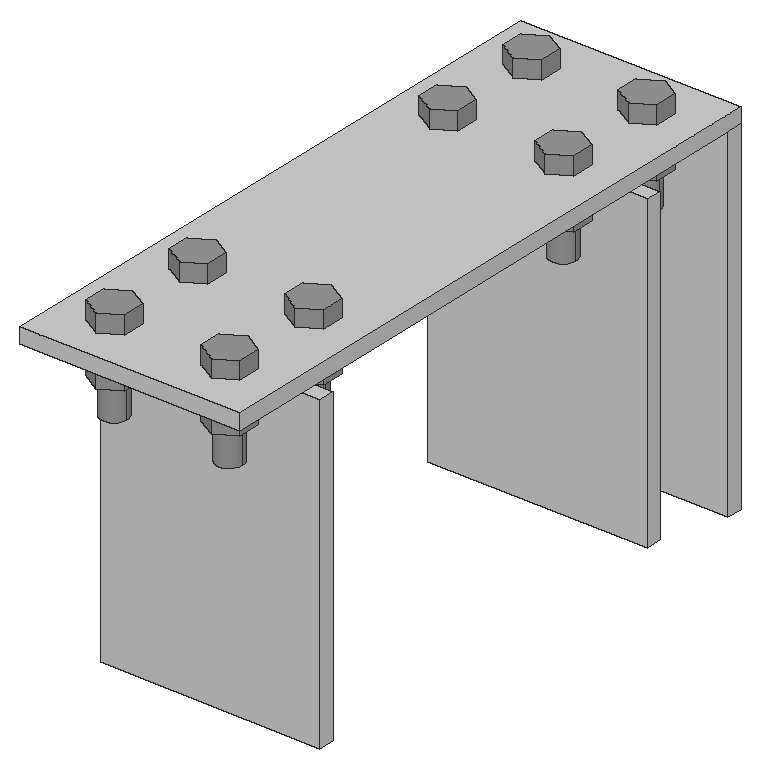
Revit family "051200 - Structural Steel Framing - Moment Frame - Bolted", category Structural Connections, Revit 2019
Family settings
  Material for Model Behavior = Other
  Work Plane-Based = Yes
  Enable cutting in views = Yes
  Always vertical = No
  Cut with Voids When Loaded = No
  Shared = No
Parameters (values of type "1")
  b = 0' - 2 1/2"
  Web Stiffner - Thickness = 0' - 0 3/8"
  Web Stiffiner Material = BOLTED MOMENT FRAME CONNECTION W/ WEB STIFFENERS
  Web - Horz. - Height = 0' - 10 51/256"
  Web - Height = 0' - 8 9/32"
  Flange - Thickness = 0' - 0 51/128"
  Default Elevation = 4' - 0"
  Bolt Inset - Vertical = 0' - 1 1/4"
  Bolt Inset - Horz. = 0' - 1 1/4"
  Base Plate - Thickness = 0' - 0 3/8"
  Back Plate - Width = 0' - 5 69/256"
  Back Plate - Height = 1' - 3"
Reference planes (in)
  plane 1 "Center (Front/Back)": y = 0
  plane 2: z = 0
  plane 3 "Center (Left/Right)": x = 0
  plane 4: x = -2.63477
  plane 5: x = 2.63477
  plane 6: z = 4
  plane 7: y = 7.5
  plane 8: y = -7.5
  plane 9: z = -8.28125
  plane 10: z = -0.39844
  plane 11: z = -7.88281
  plane 12: z = 0.375
  plane 13: x = -1.38477
  plane 14: x = 1.38477
  plane 15: y = 6.25
  plane 16: y = 3.75
  plane 17: y = -6.25
  plane 18: y = -3.75
  plane 19: y = 5.09961
  plane 20: y = -5.09961
  plane 21: y = 4.72461
  plane 22: y = -4.72461
  plane 23: y = 7.125
Forms (in)
  Extrusion 1, solid, material "BOLTED MOMENT FRAME CONNECTION W/ WEB STIFFENERS" <- "Web Stiffiner Material"
    sketch origin (0, 0, 0) x (1, 0, 0) y (0, 1, 0)
      loop
        line (-2.63477, 7.5) -> (-2.63477, -7.5) -> (2.63477, -7.5) -> (2.63477, 7.5) -> (-2.63477, 7.5)
    from 0 to 0.375
  Extrusion 2, solid, material "BOLTED MOMENT FRAME CONNECTION W/ WEB STIFFENERS" <- "Web Stiffiner Material"
    sketch origin (-14.00443, -5.09961, 48) x (-1, 0, 0) y (0, 0, 1)
      loop
        line (-11.36966, -48.39844) -> (-16.63919, -48.39844) -> (-16.63919, -55.88281) -> (-11.36966, -55.88281) -> (-11.36966, -48.39844)
    from 0 to 0.375
  Extrusion 3, solid, material "BOLTED MOMENT FRAME CONNECTION W/ WEB STIFFENERS" <- "Web Stiffiner Material"
    sketch origin (-13.21319, 5.09961, 48) x (-1, 0, 0) y (0, 0, 1)
      loop
        line (-10.57842, -48.39844) -> (-15.84795, -48.39844) -> (-15.84795, -55.88281) -> (-10.57842, -55.88281) -> (-10.57842, -48.39844)
    from 0 to -0.375
  Extrusion 4, solid, material "BOLTED MOMENT FRAME CONNECTION W/ WEB STIFFENERS" <- "Web Stiffiner Material"
    sketch origin (-13.21319, 7.5, 48) x (-1, 0, 0) y (0, 0, 1)
      loop
        line (-10.57842, -48) -> (-15.84795, -48) -> (-15.84795, -56.28125) -> (-10.57842, -56.28125) -> (-10.57842, -48)
    from 0 to -0.375
Dimensions and locks (in)
  equal spacing: plane 4, plane 3 "Center (Left/Right)", plane 5
  plane 6 to plane 2 = 0' - 4"
  equal spacing: plane 7, plane 1 "Center (Front/Back)", plane 8
  "Back Plate - Height": plane 7 to plane 8
  "Back Plate - Width": plane 4 to plane 5
  "Web - Height": plane 9 to plane 2
  "Flange - Thickness": plane 10 to plane 2
  "Flange - Thickness": plane 9 to plane 11
  "Base Plate - Thickness": plane 2 to plane 12
  "Bolt Inset - Horz.": plane 4 to plane 13
  "Bolt Inset - Horz.": plane 14 to plane 5
  "Bolt Inset - Vertical": plane 7 to plane 15
  "b": plane 15 to plane 16
  "Bolt Inset - Vertical": plane 17 to plane 8
  "b": plane 18 to plane 17
  equal spacing: plane 20, plane 1 "Center (Front/Back)", plane 19
  "Web - Horz. - Height": plane 20 to plane 19
  "Web Stiffner - Thickness": plane 21 to plane 19
  "Web Stiffner - Thickness": plane 20 to plane 22
  "Web Stiffner - Thickness": plane 7 to plane 23
  aligned and locked: plane 2 to level
  aligned and locked: Extrusion 1 sketch curve to plane 7
  aligned and locked: Extrusion 1 sketch curve to plane 5
  aligned and locked: plane 8 to Extrusion 1 sketch curve
  aligned and locked: plane 4 to Extrusion 1 sketch curve
  aligned and locked: plane 12 to Extrusion 1
  aligned and locked: Extrusion 2 sketch curve to plane 5
  aligned and locked: Extrusion 2 sketch curve to plane 10
  aligned and locked: plane 4 to Extrusion 2 sketch curve
  aligned and locked: plane 11 to Extrusion 2 sketch curve
  aligned and locked: plane 14 to nested 2
  aligned and locked: nested 4 to plane 16
  aligned and locked: nested 3 to plane 16
  aligned and locked: nested 8 to plane 17
  aligned and locked: nested 7 to plane 17
  aligned and locked: nested 6 to plane 18
  aligned and locked: nested 5 to plane 18
  aligned and locked: plane 13 to nested 5
  aligned and locked: plane 14 to nested 6
  aligned and locked: plane 14 to nested 8
  aligned and locked: plane 13 to nested 7
  aligned and locked: plane 14 to nested 4
  aligned and locked: plane 13 to nested 3
  aligned and locked: plane 13 to nested 1
  aligned and locked: plane 10 to nested 8
  aligned and locked: plane 10 to nested 4
  aligned and locked: plane 10 to nested 2
  aligned and locked: plane 10 to nested 7
  aligned and locked: plane 10 to nested 5
  aligned and locked: plane 10 to nested 3
  aligned and locked: plane 10 to nested 1
  aligned and locked: Extrusion 3 to plane 21
  aligned and locked: plane 22 to Extrusion 2
  aligned and locked: nested 2 to plane 15
  aligned and locked: nested 1 to plane 15
  aligned and locked: Extrusion 4 to plane 23
  aligned and locked: plane 10 to nested 6
  aligned and locked: Extrusion 4 sketch curve to plane 2
  aligned and locked: plane 9 to Extrusion 4 sketch curve
Automatic sketch dimensions
  Extrusion 3 sketch curve to plane 5 = 0' - 0"
  Extrusion 3 sketch curve to plane 4 = 0' - 0"
  Extrusion 3 sketch curve to plane 11 = 0' - 0"
  Extrusion 3 sketch curve to plane 10 = 0' - 0"
  Extrusion 4 sketch curve to plane 5 = 0' - 0"
  Extrusion 4 sketch curve to plane 4 = 0' - 0"
Nested families (in)
  nested 1: "050523 - W_P_C - Fastenings - Lag Bolt or Thru Bolt" at (-1.38477, 6.25, 0.375), type "5/8""
    with Thickness_of_Substrate 0' - 0 99/128", Nut_Visibility yes, Bolt Material (Size) STRUCTURAL BOLTS (PAINT TO MATCH STEEL FINISH), Length 0' - 2"
  nested 2: "050523 - W_P_C - Fastenings - Lag Bolt or Thru Bolt" at (1.38477, 6.25, 0.375), type "5/8""
    with Thickness_of_Substrate 0' - 0 99/128", Nut_Visibility yes, Bolt Material (Size) STRUCTURAL BOLTS (PAINT TO MATCH STEEL FINISH), Length 0' - 2"
  nested 3: "050523 - W_P_C - Fastenings - Lag Bolt or Thru Bolt" at (-1.38477, 3.75, 0.375), type "5/8""
    with Thickness_of_Substrate 0' - 0 99/128", Nut_Visibility yes, Bolt Material (Size) STRUCTURAL BOLTS (PAINT TO MATCH STEEL FINISH), Length 0' - 2"
  nested 4: "050523 - W_P_C - Fastenings - Lag Bolt or Thru Bolt" at (1.38477, 3.75, 0.375), type "5/8""
    with Thickness_of_Substrate 0' - 0 99/128", Nut_Visibility yes, Bolt Material (Size) STRUCTURAL BOLTS (PAINT TO MATCH STEEL FINISH), Length 0' - 2"
  nested 5: "050523 - W_P_C - Fastenings - Lag Bolt or Thru Bolt" at (-1.38477, -3.75, 0.375), type "5/8""
    with Thickness_of_Substrate 0' - 0 99/128", Nut_Visibility yes, Bolt Material (Size) STRUCTURAL BOLTS (PAINT TO MATCH STEEL FINISH), Length 0' - 2"
  nested 6: "050523 - W_P_C - Fastenings - Lag Bolt or Thru Bolt" at (1.38477, -3.75, 0.375), type "5/8""
    with Thickness_of_Substrate 0' - 0 99/128", Nut_Visibility yes, Bolt Material (Size) STRUCTURAL BOLTS (PAINT TO MATCH STEEL FINISH), Length 0' - 2"
  nested 7: "050523 - W_P_C - Fastenings - Lag Bolt or Thru Bolt" at (-1.38477, -6.25, 0.375), type "5/8""
    with Thickness_of_Substrate 0' - 0 99/128", Nut_Visibility yes, Bolt Material (Size) STRUCTURAL BOLTS (PAINT TO MATCH STEEL FINISH), Length 0' - 2"
  nested 8: "050523 - W_P_C - Fastenings - Lag Bolt or Thru Bolt" at (1.38477, -6.25, 0.375), type "5/8""
    with Thickness_of_Substrate 0' - 0 99/128", Nut_Visibility yes, Bolt Material (Size) STRUCTURAL BOLTS (PAINT TO MATCH STEEL FINISH), Length 0' - 2"
Definition of nested family "050523 - W_P_C - Fastenings - Lag Bolt or Thru Bolt"
  Parameters (values of type "1/2" x 3"")
    Thickness_of_Substrate [instance] = 0' - 1"
    Side = Head Size * 0.57812  # 0' - 0 111/256"
    Radius = Diameter / 2  # 0' - 0 1/4"
    Nut_Visibility [instance] = yes
    Length = 0' - 3"
    Head Size = 0' - 0 3/4"
    Head Radius = Head Size / 2  # 0' - 0 3/8"
    Head Height = 0' - 0 27/64"
    Diameter = 0' - 0 1/2"
    Default Elevation = 4' - 0"
    Bolt Material (Size) [instance] = none
  Types (23): name | Side | Radius | Length | Head Size | Head Radius | Head Height | Diameter
    1/2" x 3" | 0' - 0 111/256" | 0' - 0 1/4" | 0' - 3" | 0' - 0 3/4" | 0' - 0 3/8" | 0' - 0 27/64" | 0' - 0 1/2"
    1/4" x 3" | 0' - 0.25293" | 0' - 0 1/8" | 0' - 3" | 0' - 0 7/16" | 0' - 0 7/32" | 0' - 0 11/64" | 0' - 0 1/4"
    5/16" x 3" | 0' - 0 37/128" | 0' - 0 5/32" | 0' - 3" | 0' - 0 1/2" | 0' - 0 1/4" | 0' - 0 7/32" | 0' - 0 5/16"
    3/8" x 3" | 0' - 0.3252" | 0' - 0 3/16" | 0' - 3" | 0' - 0 9/16" | 0' - 0 9/32" | 0' - 0 1/4" | 0' - 0 3/8"
    7/16" x 3" | 0' - 0.36133" | 0' - 0 7/32" | 0' - 3" | 0' - 0 5/8" | 0' - 0 5/16" | 0' - 0 19/64" | 0' - 0 7/16"
    5/8" x 3" | 0' - 0.54199" | 0' - 0 5/16" | 0' - 3" | 0' - 0 15/16" | 0' - 0 15/32" | 0' - 0 27/64" | 0' - 0 5/8"
    1/2" x 2 1/2" | 0' - 0 111/256" | 0' - 0 1/4" | 0' - 2 1/2" | 0' - 0 3/4" | 0' - 0 3/8" | 0' - 0 11/32" | 0' - 0 1/2"
    3/4" x 2" | 0' - 0.65039" | 0' - 0 3/8" | 0' - 2" | 0' - 1 1/8" | 0' - 0 9/16" | 0' - 0 1/2" | 0' - 0 3/4"
    3/8" x 1" | 0' - 0.3252" | 0' - 0 3/16" | 0' - 1" | 0' - 0 9/16" | 0' - 0 9/32" | 0' - 0 1/4" | 0' - 0 3/8"
    1/2" x 4" | 0' - 0 111/256" | 0' - 0 1/4" | 0' - 4" | 0' - 0 3/4" | 0' - 0 3/8" | 0' - 0 1/2" | 0' - 0 1/2"
    1/2" x 2" | 0' - 0 111/256" | 0' - 0 1/4" | 0' - 2" | 0' - 0 3/4" | 0' - 0 3/8" | 0' - 0 1/2" | 0' - 0 1/2"
    ONE | 0' - 0 111/128" | 0' - 0 1/2" | 0' - 3" | 0' - 1 1/2" | 0' - 0 3/4" | 0' - 0 151/256" | 0' - 1"
    3/4" x 4" | 0' - 0.65039" | 0' - 0 3/8" | 0' - 3" | 0' - 1 1/8" | 0' - 0 9/16" | 0' - 0 1/2" | 0' - 0 3/4"
    #10 | 0' - 0.1626" | 0' - 0.09961" | 0' - 4" | 0' - 0 9/32" | 0' - 0 9/64" | 0' - 0 1/8" | 0' - 0 51/256"
    1/4" | 0' - 0.25293" | 0' - 0 1/8" | 0' - 4" | 0' - 0 7/16" | 0' - 0 7/32" | 0' - 0 11/64" | 0' - 0 1/4"
    1" | 0' - 0 111/128" | 0' - 0 1/2" | 0' - 4" | 0' - 1 1/2" | 0' - 0 3/4" | 0' - 0 43/64" | 0' - 1"
    7/8" | 0' - 0.75879" | 0' - 0 7/16" | 0' - 4" | 0' - 1 5/16" | 0' - 0 21/32" | 0' - 0 37/64" | 0' - 0 7/8"
    5/8" | 0' - 0.54199" | 0' - 0 5/16" | 0' - 10 1/2" | 0' - 0 15/16" | 0' - 0 15/32" | 0' - 0 27/64" | 0' - 0 5/8"
    1/2" | 0' - 0 111/256" | 0' - 0 1/4" | 0' - 4" | 0' - 0 3/4" | 0' - 0 3/8" | 0' - 0 1/2" | 0' - 0 1/2"
    3/4" | 0' - 0.65039" | 0' - 0 3/8" | 0' - 7" | 0' - 1 1/8" | 0' - 0 9/16" | 0' - 0 1/2" | 0' - 0 3/4"
    3/8" | 0' - 0.3252" | 0' - 0 3/16" | 0' - 4" | 0' - 0 9/16" | 0' - 0 9/32" | 0' - 0 1/4" | 0' - 0 3/8"
    5/8" x 6" | 0' - 0.54199" | 0' - 0 5/16" | 0' - 6" | 0' - 0 15/16" | 0' - 0 15/32" | 0' - 0 27/64" | 0' - 0 5/8"
    5/8" x 7" | 0' - 0.54199" | 0' - 0 5/16" | 0' - 7" | 0' - 0 15/16" | 0' - 0 15/32" | 0' - 0 27/64" | 0' - 0 5/8"
  Reference planes (in)
    plane 1 "Center (Front/Back)": y = 0
    plane 2: z = 0
    plane 3 "Center (Left/Right)": x = 0
    plane 4: z = 0.42187
    plane 5: z = -3
    plane 6: y = 0
    plane 7: x = 0
    plane 8: z = -1
  Forms (in)
    Extrusion 1, solid, material <- "Bolt Material (Size)"
      sketch origin (0, 0, 0) x (1, 0, 0) y (0, 1, 0)
        loop
          circle (0, 0) r 0.25
      from -3 to 0
  Lines and regions (in)
    model lines
      curve 1: line (0, -0.64952, 0.42188) -> (0, 0.64952, 0.42188)
      curve 2: line (0.375, 0, 0.42188) -> (-0.375, 0, 0.42188)
    symbolic lines
      curve 3: line (0, 0, 0.42187) -> (0, 0, -3)
      curve 4: line (0, 0, 0.42187) -> (0, 0, -3)
  Dimensions and locks (in)
    "Head Height": plane 4 to level
    "Length": level to plane 5
    "Thickness_of_Substrate": plane 2 to plane 8
    "Radius": radius of Extrusion 1 sketch curve
    aligned and locked: level to plane 2
    aligned and locked: Extrusion 1 to plane 5
    aligned and locked: plane 7 to curve 1
    aligned and locked: plane 6 to curve 2
    aligned and locked: plane 6 to curve 4
  Automatic sketch dimensions
    curve 3 to plane 3 "Center (Left/Right)" = 0' - 0"
    curve 3 to plane 5 = 0' - 0"
    curve 3 to plane 4 = 0' - 0"
    curve 4 to plane 5 = 0' - 0"
    curve 4 to plane 4 = 0' - 0"
    curve 1 to curve 2 = 0' - 0.64952"
    curve 2 to curve 1 = 0' - 0.64952"
    curve 2 to nested 1 = 0' - 0"  (x2)
    plane 1 "Center (Front/Back)" to Extrusion 1 sketch curve = 0' - 0"
    Extrusion 1 sketch curve to plane 3 "Center (Left/Right)" = 0' - 0"
  Nested families (in)
    nested 1: "Nut" at (0, 0, 0), Diameter <- "Diameter", Head Height <- "Head Height", Head Size <- "Head Size", Bolt Material (Size) <- "Bolt Material (Size)", type "one"
      with Side 0' - 0 111/256", Radius 0' - 0 1/4", Head Size 0' - 0 3/4", Head Radius 0' - 0 3/8", Head Height 0' - 0 27/64", Diameter 0' - 0 1/2", Bolt Material (Size) none
    nested 2: "Nut" at (0, 0, -1) x (1, 0, 0) z (0, 0, -1), Diameter <- "Diameter", Head Height <- "Head Height", Head Size <- "Head Size", visible <- "Nut_Visibility", type "one"
      with Side 0' - 0 111/256", Radius 0' - 0 1/4", Head Size 0' - 0 3/4", Head Radius 0' - 0 3/8", Head Height 0' - 0 27/64", Diameter 0' - 0 1/2", Bolt Material (Size) none
  Definition of nested family "Nut"
    Parameters (values of type "one")
      Side [instance] = Head Size * 0.57812  # 0' - 0 111/256"
      Radius [instance] = Diameter / 2  # 0' - 0 1/4"
      Head Size [instance] = 0' - 0 3/4"
      Head Radius [instance] = Head Size / 2  # 0' - 0 3/8"
      Head Height [instance] = 0' - 0 11/32"
      Diameter [instance] = 0' - 0 1/2"
      Default Elevation = 4' - 0"
      Bolt Material (Size) [instance] = none
    Reference planes (in)
      plane 1 "Center (Front/Back)": y = 0
      plane 2: z = 0
      plane 3 "Center (Left/Right)": x = 0
      plane 4: z = 0.34375
      plane 5: y = 0
      plane 6: x = 0
    Forms (in)
      Extrusion 1, solid, material <- "Bolt Material (Size)"
        sketch origin (0, 0, 0) x (1, 0, 0) y (0, 1, 0)
          loop
            line (0, 0.43301) -> (-0.375, 0.21651) -> (-0.375, -0.21651) -> (0, -0.43301) -> (0.375, -0.21651) -> (0.375, 0.21651) -> (0, 0.43301)
        from 0 to 0.34375
    Lines and regions (in)
      symbolic lines
        curve 1: line (0, 0, 0.34375) -> (0, 0, -3)
    Dimensions and locks (in)
      "Head Height": plane 4 to level
      "Head Radius": Extrusion 1 sketch curve to plane 3 "Center (Left/Right)"
      "Head Radius": Extrusion 1 sketch curve to plane 6
      "Head Radius": Extrusion 1 sketch curve to plane 5  (x2)
      locked: Extrusion 1 sketch curve to Extrusion 1 sketch curve (angle 120.00°)  (x5)
      aligned and locked: level to plane 2
      aligned and locked: Extrusion 1 to plane 4
      aligned and locked: plane 5 to curve 1
    Automatic sketch dimensions
      curve 1 to plane 4 = 0' - 0"
      curve 1 to level = 0' - 3"
      Extrusion 1 sketch curve to plane 3 "Center (Left/Right)" = 0' - 0"  (x2)
